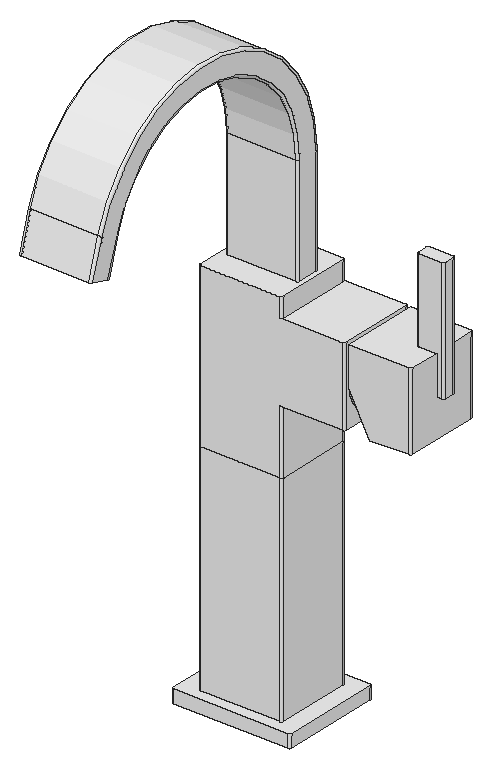
Revit family
Parameters (values of type "Polished Chrome")
  Waste Connection = no
  WFU = 0
  Version = 1
  Vent Connection = no
  URL = "http://www.deltafaucet.com"
  Product URL = "http://www.deltafaucet.com/bath/details/753LF.html"
  Overall Width = 0' - 4.37402"  # constant formula
  Overall Length = 0' - 5.93898"  # constant formula
  Overall Height = 0' - 11.82598"  # constant formula
  Offset to Backsplash [instance] = 0' - 2 1/2"
  Model = "753LF"
  Maximum Flow Rate = 1.5 GPM
  Manufacturer = "DELTA"  # constant formula
  Hot Water Connection Radius = Hot Water Connection NPT / 2  # 1/4"
  Hot Water Connection NPT = 1/2"
  HWFU = 0
  HW Connection = yes
  Flow Pressure [instance] = 0.00 psi
  Finish = Chrome - DELTA - Polished
  Description = "Single Handle Deck Mount Lavatory Faucet with Riser"
  Collection = "Vero"  # constant formula
  Cold Water Connection Radius = Cold Water Connection NPT / 2  # 1/4"
  Cold Water Connection NPT = 1/2"
  CWFU = 0
  CW Connection = yes
  CADworks URL = "http://www.CADworks.net"
  Assembly Code = "D2010900"
  ADA Compliant = yes
Types (3): name | Product URL | Model | Finish
  (no name) | "http://www.deltafaucet.com/bath/details/753LF.html" | "753LF" | Chrome - DELTA - Polished
  Brilliance Stainless | "http://www.deltafaucet.com/bath/details/753LF-SS.html" | "753LF-SS" | Steel - DELTA - Brilliance Stainless
  Polished Chrome | "http://www.deltafaucet.com/bath/details/753LF.html" | "753LF" | Chrome - DELTA - Polished
Reference planes (in)
  plane 1 "Center (Front/Back)": y = 0
  plane 2: z = 0
  plane 3 "Center (Left/Right)": x = 0
  plane 4: y = -4.78346
  plane 5 "Wall Closure": y = 2.5
  plane 6: x = -0.5
  plane 7: x = 0.5
  plane 8: z = 0.23228
  plane 9: z = 7.25748
  plane 10: z = 9.26535
  plane 11: z = -0.1252
  plane 12: y = -4.99803
  plane 13: y = 0.94094
  plane 14: x = -1.09449
  plane 15: x = 1.09449
  plane 16: y = -0.94094
  plane 17: x = -0.76575
  plane 18: x = 0.76575
  plane 19: y = 0.72441
  plane 20: y = -0.72441
  plane 21: y = 0.22441
  plane 22: y = -0.22441
  plane 23: x = 0.66929
  plane 24: x = -0.66929
  plane 25: x = 1.98819
  plane 26: x = 3.27953
  plane 27: z = 11.82598
  plane 28: z = 6.90314
  plane 29: z = 5.45433
  plane 30: z = 6.18661
  plane 31: z = 8.43858
  plane 32: z = 4.25984
  plane 33: x = -0.76575
  plane 34: x = 0.76575
  plane 35: y = 0.72441
  plane 36: y = -0.72441
Forms (in)
  Extrusion 1, solid, material "Chrome - DELTA - Polished" <- "Finish"
    sketch origin (0, 0, 0) x (1, 0, 0) y (0, 1, 0)
      loop
        arc (-1.09449, -0.89764) -> (-1.0818, -0.92826) -> (-1.05118, -0.94094) r 0.04331
        line (-1.05118, -0.94094) -> (1.05118, -0.94094)
        arc (1.05118, -0.94094) -> (1.0818, -0.92826) -> (1.09449, -0.89764) r 0.04331
        line (1.09449, -0.89764) -> (1.09449, 0.89764)
        arc (1.09449, 0.89764) -> (1.0818, 0.92826) -> (1.05118, 0.94094) r 0.04331
        line (1.05118, 0.94094) -> (-1.05118, 0.94094)
        arc (-1.05118, 0.94094) -> (-1.0818, 0.92826) -> (-1.09449, 0.89764) r 0.04331
        line (-1.09449, 0.89764) -> (-1.09449, -0.89764)
    from 0 to 0.23228
  Extrusion 2, solid, material "Chrome - DELTA - Polished" <- "Finish"
    sketch origin (1.25, -180, 0.23228) x (0, -1, 0) y (-1, 0, 0)
      loop
        line (-180.72441, 1.97244) -> (-180.72441, 0.48425) -> (-179.27559, 0.48425) -> (-179.27559, 1.97244)
        arc (-179.27559, 1.97244) -> (-179.28827, 2.00306) -> (-179.3189, 2.01575) r 0.04331
        line (-179.3189, 2.01575) -> (-180.6811, 2.01575)
        arc (-180.6811, 2.01575) -> (-180.71173, 2.00306) -> (-180.72441, 1.97244) r 0.04331
    from -4.02756 to -7.0252
  Sweep 3, solid, material "Chrome - DELTA - Polished" <- "Finish"
    path origin (0, 0, 0) x (0, 1, 0) y (0, 0, 1)
      loop
        line (0, 7.25748) -> (0, 9.26354)
        arc (0, 9.26354) -> (-1.99292, 11.57644) -> (-4.57498, 9.94728) r 2.33858
        line (-4.57498, 9.94728) -> (-4.78346, 9.26535)
    profile origin (0, 0, 8.26051) x (0, -1, 0) y (1, 0, 0)
      loop
        arc (0.1811, -0.66929) -> (0.21173, -0.65661) -> (0.22441, -0.62598) r 0.04331
        line (0.22441, -0.62598) -> (0.22441, 0.62598)
        arc (0.22441, 0.62598) -> (0.21173, 0.65661) -> (0.1811, 0.66929) r 0.04331
        line (0.1811, 0.66929) -> (-0.1811, 0.66929)
        arc (-0.1811, 0.66929) -> (-0.21173, 0.65661) -> (-0.22441, 0.62598) r 0.04331
        line (-0.22441, 0.62598) -> (-0.22441, -0.62598)
        arc (-0.22441, -0.62598) -> (-0.21173, -0.65661) -> (-0.1811, -0.66929) r 0.04331
        line (-0.1811, -0.66929) -> (0.1811, -0.66929)
  Extrusion 4, solid, material "Chrome - DELTA - Polished" <- "Finish", detail levels fine
    sketch origin (1.25, -180, -0.1252) x (0, -1, 0) y (-1, 0, 0)
      loop
        circle (-180, 1.75) r 0.25
      loop
        circle (-180, 0.75) r 0.25
    from 0 to -0.1252
  Extrusion 5, solid, material "Chrome - DELTA - Polished" <- "Finish"
    sketch origin (0.5, 61.77165, 41.89764) x (0, 1, 0) y (0, 0, -1)
      loop
        line (-62.49606, 36.44331) -> (-62.49606, 34.99449) -> (-61.04724, 34.99449) -> (-61.04724, 36.44331) -> (-62.49606, 36.44331)
    from -0.26575 to -1.42717
  Extrusion 6, void
    sketch origin (0, 0, 0) x (1, 0, 0) y (0, 1, 0)
      loop
        line (0.76575, 0.6811) -> (0.76575, 0.72441) -> (0.72244, 0.72441)
        arc (0.72244, 0.72441) -> (0.75306, 0.71173) -> (0.76575, 0.6811) r 0.04331
      loop
        arc (0.76575, -0.6811) -> (0.75306, -0.71173) -> (0.72244, -0.72441) r 0.04331
        line (0.72244, -0.72441) -> (0.76575, -0.72441) -> (0.76575, -0.6811)
    from 0.23228 to 5.45433
  Extrusion 7, void
    sketch origin (0, 0, 2.55906) x (1, 0, 0) y (0, 1, 0)
      loop
        line (0.76575, 0.6811) -> (0.76575, 0.72441) -> (0.72244, 0.72441)
        arc (0.72244, 0.72441) -> (0.75306, 0.71173) -> (0.76575, 0.6811) r 0.04331
      loop
        arc (0.76575, -0.6811) -> (0.75306, -0.71173) -> (0.72244, -0.72441) r 0.04331
        line (0.72244, -0.72441) -> (0.76575, -0.72441) -> (0.76575, -0.6811)
    from 4.34409 to 4.69843
  Extrusion 8, void
    sketch origin (1.16142, 0, 2.55906) x (1, 0, 0) y (0, 1, 0)
      loop
        line (0.76575, 0.6811) -> (0.76575, 0.72441) -> (0.72244, 0.72441)
        arc (0.72244, 0.72441) -> (0.75306, 0.71173) -> (0.76575, 0.6811) r 0.04331
      loop
        arc (0.76575, -0.6811) -> (0.75306, -0.71173) -> (0.72244, -0.72441) r 0.04331
        line (0.72244, -0.72441) -> (0.76575, -0.72441) -> (0.76575, -0.6811)
    from 2.89527 to 4.34409
  Extrusion 9, solid, material "Chrome - DELTA - Polished" <- "Finish"
    sketch origin (1.25, -180, 6.90314) x (0, -1, 0) y (-1, 0, 0)
      loop
        line (-179.2815, -0.73819) -> (-180.7185, -0.73819) -> (-180.70902, -1.84764)
        arc (-180.70902, -1.84764) -> (-180.69662, -1.87761) -> (-180.66689, -1.89056) r 0.04331
        arc (-180.66689, -1.89056) -> (-180, -1.89961) -> (-179.33311, -1.89056) r 24.59055
        arc (-179.33311, -1.89056) -> (-179.30338, -1.87761) -> (-179.29098, -1.84764) r 0.04331
        line (-179.29098, -1.84764) -> (-179.2815, -0.73819)
    from -0.00787 to 1.44882
  Extrusion 10, void
    sketch origin (0, 0, -5.90551) x (-1, 0, 0) y (0, 0, 1)
      loop
        line (-2.38386, 11.35981) -> (-3.27953, 11.38747) -> (-3.27953, 11.23386) -> (-1.98819, 11.23386) -> (-1.98819, 12.09213) -> (-2.38386, 11.35981)
      loop
        line (-1.98819, 12.80158) -> (-1.98819, 13.16299) -> (-3.27953, 13.16299) -> (-3.27953, 12.80945) -> (-1.98819, 12.80158)
    from -0.75 to 0.75
  Extrusion 11, solid, material "Chrome - DELTA - Polished" <- "Finish"
    sketch origin (1.25, -180, 6.18661) x (0, -1, 0) y (-1, 0, 0)
      loop
        arc (-179.9139, -2.02953) -> (-179.8831, -2.01666) -> (-179.8706, -1.98571) r 0.04331
        line (-179.8706, -1.98571) -> (-179.87548, -1.57232)
        arc (-179.87548, -1.57232) -> (-179.88834, -1.54203) -> (-179.91878, -1.52953) r 0.04331
        line (-179.91878, -1.52953) -> (-180.08122, -1.52953)
        arc (-180.08122, -1.52953) -> (-180.11166, -1.54203) -> (-180.12452, -1.57232) r 0.04331
        line (-180.12452, -1.57232) -> (-180.1294, -1.98571)
        arc (-180.1294, -1.98571) -> (-180.1169, -2.01666) -> (-180.0861, -2.02953) r 0.04331
        line (-180.0861, -2.02953) -> (-179.9139, -2.02953)
    from 0.11811 to -2.33071
  Extrusion 12, void
    sketch origin (0, 0, -4.37087) x (-1, 0, 0) y (0, 0, 1)
      loop
        line (-1.98819, 12.80158) -> (-1.98819, 13.63622) -> (-3.27953, 13.63622) -> (-3.27953, 12.80945) -> (-1.98819, 12.80158)
      loop
        line (-1.98819, 10.54961) -> (-3.27953, 10.55748) -> (-3.27953, 9.82519) -> (-1.98819, 9.82519) -> (-1.98819, 10.54961)
    from -0.15748 to 0.15748
  Extrusion 13, solid, material "Chrome - DELTA - Polished" <- "Finish"
    sketch origin (1.25, -180, -4.09843) x (0, -1, 0) y (-1, 0, 0)
      loop
        line (-180.72441, 1.97244) -> (-180.72441, 0.48425) -> (-179.27559, 0.48425) -> (-179.27559, 1.97244)
        arc (-179.27559, 1.97244) -> (-179.28827, 2.00306) -> (-179.3189, 2.01575) r 0.04331
        line (-179.3189, 2.01575) -> (-180.6811, 2.01575)
        arc (-180.6811, 2.01575) -> (-180.71173, 2.00306) -> (-180.72441, 1.97244) r 0.04331
    from -4.33071 to -8.35827
  Revolve 14, solid, material "Chrome - DELTA - Polished" <- "Finish"
    sketch origin (0, 0, -5.90551) x (1, 0, 0) y (0, 0, 1)
      loop
        line (1.92717, 12.09213) -> (1.92717, 11.44488)
        spline (1.92717, 11.44488) -> (1.99895, 11.45042) -> (2.06952, 11.46694) -> (2.13764, 11.49415) -> (2.20217, 11.5316) -> (2.26198, 11.57863) -> (2.31607, 11.63446) -> (2.36351, 11.69811) -> (2.40348, 11.7685) -> (2.4353, 11.84444) -> (2.45842, 11.92461) -> (2.47246, 12.00764) -> (2.47717, 12.09213)
        line (2.47717, 12.09213) -> (1.92717, 12.09213)
      axis (1.92717, 12.09213) -> (2.47717, 12.09213)
    angle from 0 to 360
Cuts and joins
  Extrusion 6, Extrusion 7, Extrusion 8 cuts Extrusion 2
  Extrusion 6, Extrusion 7, Extrusion 8 cuts Extrusion 5
  joined: Extrusion 2, Extrusion 5
  Extrusion 6, Extrusion 7 cuts Extrusion 1
  Extrusion 6 cuts Extrusion 4
  Extrusion 10 cuts Extrusion 9
  Extrusion 12 cuts Extrusion 11
  joined: Extrusion 9, Extrusion 11, Revolve 14
  Extrusion 6 cuts Extrusion 13
Lines and regions (in)
  Masking region 1
    outline origin (0, 0, 0) x (1, 0, 0) y (0, 1, 0)
      loop
        line (-1.09449, 0.89764) -> (-1.09449, -0.89764)
        arc (-1.09449, -0.89764) -> (-1.0818, -0.92826) -> (-1.05118, -0.94094) r 0.04331
        line (-1.05118, -0.94094) -> (-0.66929, -0.94094) -> (-0.66929, -4.95665)
        spline (-0.66929, -4.95665) -> (-0.66892, -4.96206) -> (-0.66782, -4.96737) -> (-0.66599, -4.9725) -> (-0.66349, -4.97736) -> (-0.66034, -4.98187) -> (-0.65661, -4.98594) -> (-0.65235, -4.98951) -> (-0.64764, -4.99252) -> (-0.64256, -4.99492) -> (-0.63719, -4.99666) -> (-0.63164, -4.99771) -> (-0.62598, -4.99807)
        line (-0.62598, -4.99807) -> (0.62598, -4.99807)
        spline (0.62598, -4.99807) -> (0.63164, -4.99771) -> (0.63719, -4.99666) -> (0.64256, -4.99492) -> (0.64764, -4.99252) -> (0.65235, -4.98951) -> (0.65661, -4.98594) -> (0.66034, -4.98187) -> (0.66349, -4.97736) -> (0.66599, -4.9725) -> (0.66782, -4.96737) -> (0.66892, -4.96206) -> (0.66929, -4.95665)
        line (0.66929, -4.95665) -> (0.66929, -0.94094) -> (1.05118, -0.94094)
        arc (1.05118, -0.94094) -> (1.0818, -0.92826) -> (1.09449, -0.89764) r 0.04331
        line (1.09449, -0.89764) -> (1.09449, -0.72441) -> (1.88386, -0.72441)
        arc (1.88386, -0.72441) -> (1.91448, -0.71173) -> (1.92717, -0.6811) r 0.04331
        line (1.92717, -0.6811) -> (1.92717, -0.54798) -> (1.98819, -0.5454) -> (1.98819, -0.7185) -> (3.09764, -0.70902)
        arc (3.09764, -0.70902) -> (3.12761, -0.69662) -> (3.14056, -0.66689) r 0.04331
        arc (3.14056, -0.66689) -> (3.14639, -0.39766) -> (3.14927, -0.12838) r 24.59055
        line (3.14927, -0.12838) -> (3.23571, -0.1294)
        arc (3.23571, -0.1294) -> (3.26666, -0.1169) -> (3.27953, -0.0861) r 0.04331
        line (3.27953, -0.0861) -> (3.27953, 0.0861)
        arc (3.27953, 0.0861) -> (3.26666, 0.1169) -> (3.23571, 0.1294) r 0.04331
        line (3.23571, 0.1294) -> (3.14927, 0.12838)
        arc (3.14927, 0.12838) -> (3.14639, 0.39766) -> (3.14056, 0.66689) r 24.59055
        arc (3.14056, 0.66689) -> (3.12761, 0.69662) -> (3.09764, 0.70902) r 0.04331
        line (3.09764, 0.70902) -> (1.98819, 0.7185) -> (1.98819, 0.5454) -> (1.92717, 0.54798) -> (1.92717, 0.6811)
        arc (1.92717, 0.6811) -> (1.91448, 0.71173) -> (1.88386, 0.72441) r 0.04331
        line (1.88386, 0.72441) -> (1.09449, 0.72441) -> (1.09449, 0.89764)
        arc (1.09449, 0.89764) -> (1.0818, 0.92826) -> (1.05118, 0.94094) r 0.04331
        line (1.05118, 0.94094) -> (-1.05118, 0.94094)
        arc (-1.05118, 0.94094) -> (-1.0818, 0.92826) -> (-1.09449, 0.89764) r 0.04331
  symbolic lines
    curve 1: arc (0.62598, 0.22441, 11.82598) -> (0.65661, 0.21173, 11.82598) -> (0.66929, 0.1811, 11.82598) r 0.04331
    curve 2: line (-0.62598, 0.22441, 11.82598) -> (0.62598, 0.22441, 11.82598)
    curve 3: arc (-0.66929, 0.1811, 11.82598) -> (-0.65661, 0.21173, 11.82598) -> (-0.62598, 0.22441, 11.82598) r 0.04331
    curve 4: line (-0.66929, 0.1811, 11.82598) -> (-0.66929, -0.94094, 11.82598)
    curve 5: line (0.66929, 0.1811, 11.82598) -> (0.66929, -0.94094, 11.82598)
  symbolic lines, detail levels medium+fine
    curve 6: line (-0.76575, -0.6811, 11.82598) -> (-0.76575, 0.6811, 11.82598)
    curve 7: arc (-0.76575, 0.6811, 11.82598) -> (-0.75306, 0.71173, 11.82598) -> (-0.72244, 0.72441, 11.82598) r 0.04331
    curve 8: line (-0.72244, 0.72441, 11.82598) -> (1.09449, 0.72441, 11.82598)
    curve 9: arc (0.72244, 0.72441, 11.82598) -> (0.75306, 0.71173, 11.82598) -> (0.76575, 0.6811, 11.82598) r 0.04331
    curve 10: line (0.76575, 0.6811, 11.82598) -> (0.76575, -0.6811, 11.82598)
    curve 11: arc (-0.72244, -0.72441, 11.82598) -> (-0.75306, -0.71173, 11.82598) -> (-0.76575, -0.6811, 11.82598) r 0.04331
    curve 12: line (1.09449, -0.72441, 11.82598) -> (0.66929, -0.72441, 11.82598)
    curve 13: arc (0.76575, -0.6811, 11.82598) -> (0.75306, -0.71173, 11.82598) -> (0.72244, -0.72441, 11.82598) r 0.04331
    curve 14: line (1.92717, 0.54798, 11.82598) -> (1.92717, -0.55118, 11.82598)
    curve 15: line (1.98819, -0.5454, 11.82598) -> (1.98819, 0.5454, 11.82598)
    curve 21: line (-0.66929, -0.72441, 11.82598) -> (-0.72244, -0.72441, 11.82598)
  symbolic lines, detail levels fine
    curve 16: line (2.77953, -0.08122, 11.82598) -> (2.77953, 0.08122, 11.82598)
    curve 17: arc (2.77953, 0.08122, 11.82598) -> (2.79203, 0.11166, 11.82598) -> (2.82232, 0.12452, 11.82598) r 0.04331
    curve 18: line (2.82232, 0.12452, 11.82598) -> (3.14927, 0.12838, 11.82598)
    curve 19: arc (2.82232, -0.12452, 11.82598) -> (2.79203, -0.11166, 11.82598) -> (2.77953, -0.08122, 11.82598) r 0.04331
    curve 20: line (3.14927, -0.12838, 11.82598) -> (2.82232, -0.12452, 11.82598)
Dimensions and locks (in)
  "Offset to Backsplash": plane 1 "Center (Front/Back)" to plane 5 "Wall Closure"
  locked: plane 4 to plane 1 "Center (Front/Back)" at 4.78346
  locked: plane 8 to plane 2 at 0.23228
  locked: plane 9 to plane 2 at 7.25748
  locked: plane 10 to plane 2 at 9.26535
  locked: plane 2 to plane 11 at 0.1252
  locked: plane 1 "Center (Front/Back)" to plane 13 at 0.94094
  "Overall Length": plane 13 to plane 12
  locked: plane 6 to Extrusion 4 sketch curve at 0
  locked: plane 1 "Center (Front/Back)" to Extrusion 4 sketch curve at 0  (x2)
  locked: plane 7 to Extrusion 4 sketch curve at 0
  locked: plane 14 to plane 3 "Center (Left/Right)" at 1.09449
  plane 16 to plane 1 "Center (Front/Back)" to plane 13 = 0' - 0.94094" locked, 0' - 0.94094" locked
  plane 14 to plane 3 "Center (Left/Right)" to plane 15 = 0' - 1.09449" locked, 0' - 1.09449" locked
  locked: plane 14 to Extrusion 1 sketch curve at 0.04331  (x2)
  locked: Extrusion 1 sketch curve to plane 15 at 0.04331  (x2)
  locked: plane 16 to Extrusion 1 sketch curve at 0.04331  (x2)
  locked: plane 13 to Extrusion 1 sketch curve at 0.04331  (x2)
  plane 20 to plane 1 "Center (Front/Back)" to plane 19 = 0' - 0.72441" locked, 0' - 0.72441" locked
  plane 17 to plane 3 "Center (Left/Right)" to plane 18 = 0' - 0.76575" locked, 0' - 0.76575" locked
  plane 7 to plane 3 "Center (Left/Right)" to plane 6 = 0' - 0 1/2" locked, 0' - 0 1/2" locked
  locked: plane 17 to Extrusion 2 sketch curve at 0.04331  (x2)
  locked: plane 19 to Extrusion 2 sketch curve at 0.04331
  locked: plane 20 to Extrusion 2 sketch curve at 0.04331
  locked: Sweep 3 sketch curve to plane 1 "Center (Front/Back)" at 4.78346
  locked: plane 9 to Sweep 3 sketch curve at 2.00606
  locked: Sweep 3 sketch curve to Sweep 3 sketch curve at 0.71308
  plane 22 to plane 1 "Center (Front/Back)" to plane 21 = 0' - 0.22441" locked, 0' - 0.22441" locked
  plane 24 to plane 3 "Center (Left/Right)" to plane 23 = 0' - 0.66929" locked, 0' - 0.66929" locked
  locked: plane 24 to Sweep 3 sketch curve at 0.04331  (x2)
  locked: Sweep 3 sketch curve to plane 23 at 0.04331  (x2)
  locked: plane 21 to Sweep 3 sketch curve at 0.04331  (x2)
  locked: plane 22 to Sweep 3 sketch curve at 0.04331  (x2)
  Extrusion 5 sketch curve to plane 1 "Center (Front/Back)" to Extrusion 5 sketch curve = 0' - 0.72441" locked, 0' - 0.72441" locked
  plane 8 to Extrusion 5 sketch curve to Extrusion 5 sketch curve = 0' - 5.22204", 0' - 1.44882"
  locked: cut or joined group of Extrusion 2, Extrusion 5, Extrusion 6, Extrusion 7, Extrusion 8 to plane 3 "Center (Left/Right)" at 1.92717
  locked: plane 7 to cut or joined group of Extrusion 2, Extrusion 5, Extrusion 6, Extrusion 7, Extrusion 8 at 1.42717
  locked: cut or joined group of Extrusion 2, Extrusion 5, Extrusion 6, Extrusion 7, Extrusion 8 to cut or joined group of Extrusion 2, Extrusion 5, Extrusion 6, Extrusion 7, Extrusion 8 at 1.16142
  Extrusion 6 sketch curve to Extrusion 6 sketch curve to plane 1 "Center (Front/Back)" to Extrusion 6 sketch curve to Extrusion 6 sketch curve = 0' - 0.04331" locked, 0' - 0.6811" locked, 0' - 0.6811" locked, 0' - 0.04331" locked
  plane 3 "Center (Left/Right)" to Extrusion 6 sketch curve to Extrusion 6 sketch curve = 0' - 0.72244" locked, 0' - 0.04331" locked  (x2)
  plane 3 "Center (Left/Right)" to Extrusion 7 sketch curve to Extrusion 7 sketch curve = 0' - 0.72244" locked, 0' - 0.04331" locked  (x2)
  Extrusion 7 sketch curve to Extrusion 7 sketch curve to plane 1 "Center (Front/Back)" to Extrusion 7 sketch curve to Extrusion 7 sketch curve = 0' - 0.04331" locked, 0' - 0.6811" locked, 0' - 0.6811" locked, 0' - 0.04331" locked
  Extrusion 8 sketch curve to Extrusion 8 sketch curve to plane 1 "Center (Front/Back)" to Extrusion 8 sketch curve to Extrusion 8 sketch curve = 0' - 0.04331" locked, 0' - 0.6811" locked, 0' - 0.6811" locked, 0' - 0.04331" locked
  plane 3 "Center (Left/Right)" to Extrusion 8 sketch curve to Extrusion 8 sketch curve = 0' - 1.88386" locked, 0' - 0.04331" locked  (x2)
  locked: plane 3 "Center (Left/Right)" to plane 25 at 1.98819
  "Overall Width": plane 14 to plane 26
  "Overall Height": plane 27 to plane 2
  plane 25 to Extrusion 9 sketch curve to Extrusion 9 sketch curve = 0' - 1.10945" locked, 0' - 0.04292" locked  (x2)
  Extrusion 9 sketch curve to Extrusion 9 sketch curve to Extrusion 9 sketch curve to plane 1 "Center (Front/Back)" to Extrusion 9 sketch curve to Extrusion 9 sketch curve to Extrusion 9 sketch curve = 0' - 0.00949" locked, 0' - 0.04213" locked, 0' - 0.66689" locked, 0' - 0.66689" locked, 0' - 0.04213" locked, 0' - 0.00949" locked
  plane 28 to plane 29 to plane 2 = 0' - 1.44882" locked, 0' - 5.45433" locked
  locked: cut or joined group of Extrusion 9, Extrusion 10, Extrusion 11, Extrusion 12, Revolve 14 to plane 28 at 0.00787
  locked: plane 9 to cut or joined group of Extrusion 9, Extrusion 10, Extrusion 11, Extrusion 12, Revolve 14 at 0.34646
  plane 31 to plane 30 to plane 2 = 0' - 2.25197" locked, 0' - 6.18661" locked
  Extrusion 11 sketch curve to Extrusion 11 sketch curve to Extrusion 11 sketch curve to Extrusion 11 sketch curve to plane 1 "Center (Front/Back)" to Extrusion 11 sketch curve to Extrusion 11 sketch curve to Extrusion 11 sketch curve to Extrusion 11 sketch curve = 0' - 0.00488" locked, 0' - 0.03842" locked, 0' - 0.00488" locked, 0' - 0.08122" locked, 0' - 0.08122" locked, 0' - 0.00488" locked, 0' - 0.03842" locked, 0' - 0.00488" locked
  Extrusion 11 sketch curve to Extrusion 11 sketch curve to Extrusion 11 sketch curve to plane 26 = 0' - 0.0428" locked, 0' - 0.41339" locked, 0' - 0.04382" locked
  Extrusion 11 sketch curve to Extrusion 11 sketch curve to plane 26 = 0' - 0.41339" locked, 0' - 0.04382" locked
  locked: Extrusion 11 to plane 31 at 0.07874
  locked: plane 10 to Extrusion 11 at 0.74803
  plane 9 to Extrusion 10 sketch curve to Extrusion 10 sketch curve = 0' - 0.35354" locked, 0' - 0.00787" locked
  locked: plane 25 to Extrusion 10 sketch curve at 0.39567
  Extrusion 10 sketch curve to plane 30 to Extrusion 10 sketch curve to Extrusion 10 sketch curve to Extrusion 10 sketch curve = 0' - 0" locked, 0' - 0.70465" locked, 0' - 0.02767" locked, 0' - 0.12595" locked
  plane 10 to Extrusion 12 sketch curve to Extrusion 12 sketch curve = 0' - 0.82677" locked, 0' - 0.00787" locked
  Extrusion 12 sketch curve to Extrusion 12 sketch curve to plane 29 = 0' - 0.00787" locked, 0' - 0.72442" locked
  Masking region 1 sketch curve to Masking region 1 sketch curve to plane 1 "Center (Front/Back)" to Masking region 1 sketch curve to Masking region 1 sketch curve = 0' - 0.00258" locked, 0' - 0.5454" locked, 0' - 0.5454" locked, 0' - 0.00258" locked
  locked: plane 30 to cut or joined group of Extrusion 2, Extrusion 5, Extrusion 6, Extrusion 7, Extrusion 8 at 0.73229
  locked: cut or joined group of Extrusion 9, Extrusion 10, Extrusion 11, Extrusion 12, Revolve 14 to plane 29 at 0.61418
  locked: plane 30 to cut or joined group of Extrusion 9, Extrusion 10, Extrusion 11, Extrusion 12, Revolve 14 at 0.11811
  Extrusion 12 to plane 1 "Center (Front/Back)" to Extrusion 12 = 0' - 0.15748" locked, 0' - 0.15748" locked
  locked: plane 32 to plane 2 at 4.25984
  plane 36 to plane 1 "Center (Front/Back)" to plane 35 = 0' - 0.72441" locked, 0' - 0.72441" locked
  plane 33 to plane 3 "Center (Left/Right)" to plane 34 = 0' - 0.76575" locked, 0' - 0.76575" locked
  locked: plane 33 to Extrusion 13 sketch curve at 0.04331  (x2)
  locked: plane 35 to Extrusion 13 sketch curve at 0.04331
  locked: plane 36 to Extrusion 13 sketch curve at 0.04331
  locked: Revolve 14 sketch curve to Revolve 14 sketch curve at 0.64724
  Revolve 14 sketch curve to plane 25 to Revolve 14 sketch curve = 0' - 0.06102" locked, 0' - 0.48898" locked
  curve 14 to plane 1 "Center (Front/Back)" to curve 14 = 0' - 0.54798" locked, 0' - 0.55118" locked
  curve 15 to plane 1 "Center (Front/Back)" to curve 15 = 0' - 0.5454" locked, 0' - 0.5454" locked
  cut or joined group of Extrusion 9, Extrusion 10, Extrusion 11, Extrusion 12, Revolve 14 to plane 1 "Center (Front/Back)" to cut or joined group of Extrusion 9, Extrusion 10, Extrusion 11, Extrusion 12, Revolve 14 = 0' - 0 3/4" locked, 0' - 0 3/4" locked
  radius of Extrusion 1 sketch curve = 0' - 0.04331"  (x4)
  radius of Sweep 3 sketch curve = 0' - 0.04331"  (x4)
  "Cold Water Connection Radius": radius of Extrusion 4 sketch curve
  "Hot Water Connection Radius": radius of Extrusion 4 sketch curve
  radius of Extrusion 2 sketch curve = 0' - 0.04331"  (x2)
  radius of Extrusion 6 sketch curve = 0' - 0.04331"  (x2)
  radius of Extrusion 7 sketch curve = 0' - 0.04331"  (x2)
  radius of Extrusion 8 sketch curve = 0' - 0.04331"  (x2)
  radius of Extrusion 9 sketch curve = 0' - 0.04331"  (x2)
  radius of Extrusion 9 sketch curve = 2' - 0.59055"
  radius of Extrusion 11 sketch curve = 0' - 0.04331"  (x4)
  radius of Extrusion 13 sketch curve = 0' - 0.04331"  (x2)
  locked: plane 9 to Sweep 3 sketch curve (angle 73.00°)
  aligned and locked: Extrusion 1 to plane 2
  aligned and locked: Extrusion 1 to plane 8
  aligned: plane 8 to Extrusion 2
  aligned and locked: Extrusion 2 to plane 9
  aligned and locked: plane 9 to Sweep 3 sketch curve
  aligned and locked: plane 11 to Extrusion 4
  aligned and locked: plane 2 to Extrusion 4
  aligned and locked: Extrusion 1 sketch curve to plane 16
  aligned and locked: plane 15 to Extrusion 1 sketch curve
  aligned and locked: Extrusion 1 sketch curve to plane 13
  aligned and locked: plane 14 to Extrusion 1 sketch curve
  aligned and locked: Extrusion 2 sketch curve to plane 19
  aligned and locked: Extrusion 2 sketch curve to plane 18
  aligned and locked: plane 20 to Extrusion 2 sketch curve
  aligned and locked: plane 17 to Extrusion 2 sketch curve
  aligned and locked: Sweep 3 sketch curve to plane 1 "Center (Front/Back)"
  aligned and locked: plane 10 to Sweep 3 sketch curve
  aligned and locked: Sweep 3 sketch curve to plane 24
  aligned and locked: Sweep 3 sketch curve to plane 21
  aligned and locked: plane 23 to Sweep 3 sketch curve
  aligned and locked: plane 22 to Sweep 3 sketch curve
  aligned: Extrusion 5 to Extrusion 2
  aligned: Extrusion 6 to cut or joined group of Extrusion 2, Extrusion 5, Extrusion 6, Extrusion 7, Extrusion 8
  aligned: Extrusion 6 to Extrusion 1
  aligned: Extrusion 7 to Extrusion 5
  aligned and locked: Extrusion 7 to plane 9
  aligned: Extrusion 5 to Extrusion 8  (x2)
  aligned and locked: Extrusion 9 sketch curve to plane 25
  aligned and locked: Extrusion 10 sketch curve to plane 25
  aligned and locked: plane 9 to Extrusion 10 sketch curve
  aligned and locked: plane 26 to Extrusion 10 sketch curve
  aligned and locked: plane 25 to Extrusion 10 sketch curve
  aligned and locked: Extrusion 10 sketch curve to plane 26
  aligned and locked: Extrusion 11 sketch curve to plane 26
  aligned: Extrusion 11 to plane 31
  aligned: plane 30 to Extrusion 11
  aligned and locked: plane 29 to Extrusion 12 sketch curve
  aligned and locked: Extrusion 12 sketch curve to plane 26
  aligned and locked: plane 25 to Extrusion 12 sketch curve
  aligned and locked: Extrusion 12 sketch curve to plane 25
  aligned and locked: plane 26 to Extrusion 12 sketch curve
  aligned and locked: plane 10 to Extrusion 12 sketch curve
  aligned and locked: Masking region 1 sketch curve to cut or joined group of Extrusion 1, Extrusion 6, Extrusion 7  (x4)
  aligned and locked: Masking region 1 sketch curve to cut or joined group of Extrusion 2, Extrusion 5, Extrusion 6, Extrusion 7, Extrusion 8  (x2)
  aligned and locked: Masking region 1 sketch curve to cut or joined group of Extrusion 9, Extrusion 10, Extrusion 11, Extrusion 12, Revolve 14  (x8)
  aligned and locked: cut or joined group of Extrusion 9, Extrusion 10, Extrusion 11, Extrusion 12, Revolve 14 to Masking region 1 sketch curve  (x2)
  aligned and locked: cut or joined group of Extrusion 2, Extrusion 5, Extrusion 6, Extrusion 7, Extrusion 8 to Masking region 1 sketch curve
  aligned and locked: cut or joined group of Extrusion 1, Extrusion 6, Extrusion 7 to Masking region 1 sketch curve  (x2)
  aligned and locked: Masking region 1 sketch curve to Sweep 3  (x2)
  aligned and locked: Sweep 3 to Masking region 1 sketch curve
  aligned and locked: curve 1 to Sweep 3
  aligned and locked: curve 3 to Sweep 3
  aligned and locked: cut or joined group of Extrusion 1, Extrusion 6, Extrusion 7 to curve 5
  aligned and locked: cut or joined group of Extrusion 1, Extrusion 6, Extrusion 7 to curve 4
  aligned and locked: curve 6 to cut or joined group of Extrusion 2, Extrusion 5, Extrusion 6, Extrusion 7, Extrusion 8
  aligned and locked: curve 7 to cut or joined group of Extrusion 2, Extrusion 5, Extrusion 6, Extrusion 7, Extrusion 8
  aligned and locked: curve 8 to cut or joined group of Extrusion 2, Extrusion 5, Extrusion 6, Extrusion 7, Extrusion 8
  aligned and locked: curve 9 to cut or joined group of Extrusion 2, Extrusion 5, Extrusion 6, Extrusion 7, Extrusion 8
  aligned and locked: cut or joined group of Extrusion 2, Extrusion 5, Extrusion 6, Extrusion 7, Extrusion 8 to curve 10
  aligned and locked: curve 11 to cut or joined group of Extrusion 2, Extrusion 5, Extrusion 6, Extrusion 7, Extrusion 8
  aligned and locked: cut or joined group of Extrusion 2, Extrusion 5, Extrusion 6, Extrusion 7, Extrusion 8 to curve 12
  aligned and locked: curve 13 to cut or joined group of Extrusion 2, Extrusion 5, Extrusion 6, Extrusion 7, Extrusion 8
  aligned: cut or joined group of Extrusion 2, Extrusion 5, Extrusion 6, Extrusion 7, Extrusion 8 to curve 14
  aligned and locked: cut or joined group of Extrusion 9, Extrusion 10, Extrusion 11, Extrusion 12, Revolve 14 to curve 15
  aligned and locked: curve 16 to cut or joined group of Extrusion 9, Extrusion 10, Extrusion 11, Extrusion 12, Revolve 14
  aligned and locked: curve 17 to cut or joined group of Extrusion 9, Extrusion 10, Extrusion 11, Extrusion 12, Revolve 14
  aligned and locked: curve 18 to cut or joined group of Extrusion 9, Extrusion 10, Extrusion 11, Extrusion 12, Revolve 14
  aligned and locked: curve 19 to cut or joined group of Extrusion 9, Extrusion 10, Extrusion 11, Extrusion 12, Revolve 14
  aligned and locked: cut or joined group of Extrusion 9, Extrusion 10, Extrusion 11, Extrusion 12, Revolve 14 to curve 20
  aligned and locked: cut or joined group of Extrusion 1, Extrusion 6, Extrusion 7 to curve 12
  aligned and locked: cut or joined group of Extrusion 1, Extrusion 6, Extrusion 7 to curve 8
  aligned and locked: curve 4 to curve 21
  aligned and locked: curve 21 to cut or joined group of Extrusion 2, Extrusion 5, Extrusion 6, Extrusion 7, Extrusion 8
  aligned and locked: curve 5 to curve 12
  aligned and locked: plane 32 to cut or joined group of Extrusion 2, Extrusion 5, Extrusion 6, Extrusion 7, Extrusion 8
  aligned and locked: Extrusion 13 sketch curve to plane 35
  aligned and locked: Extrusion 13 sketch curve to plane 34
  aligned and locked: plane 36 to Extrusion 13 sketch curve
  aligned and locked: plane 33 to Extrusion 13 sketch curve
  aligned and locked: Extrusion 13 to plane 32
  aligned and locked: plane 8 to Extrusion 13
  aligned and locked: plane 8 to cut or joined group of Extrusion 6, Extrusion 13
  aligned and locked: Revolve 14 sketch curve to plane 30
  aligned and locked: Revolve 14 sketch curve to Revolve 14 sketch curve
  aligned and locked: cut or joined group of Extrusion 2, Extrusion 5, Extrusion 6, Extrusion 7, Extrusion 8 to plane 29
  aligned and locked: cut or joined group of Extrusion 2, Extrusion 5, Extrusion 6, Extrusion 7, Extrusion 8 to cut or joined group of Extrusion 2, Extrusion 5, Extrusion 6, Extrusion 7, Extrusion 8
  aligned and locked: curve 14 to cut or joined group of Extrusion 2, Extrusion 5, Extrusion 6, Extrusion 7, Extrusion 8
  aligned and locked: plane 28 to cut or joined group of Extrusion 2, Extrusion 5, Extrusion 6, Extrusion 7, Extrusion 8
Automatic sketch dimensions
  Extrusion 6 sketch curve to Extrusion 6 sketch curve = 0' - 0"  (x4)
  Extrusion 7 sketch curve to Extrusion 7 sketch curve = 0' - 0"  (x4)
  Extrusion 8 sketch curve to Extrusion 8 sketch curve = 0' - 0"  (x4)
  Masking region 1 sketch curve to Masking region 1 sketch curve = 0' - 0.04331"
  Masking region 1 sketch curve to plane 7 = 0' - 0.08268"
  Masking region 1 sketch curve to Masking region 1 sketch curve = 0' - 0.00037"  (x2)
  Masking region 1 sketch curve to plane 1 "Center (Front/Back)" = 0' - 0.12838"
  Masking region 1 sketch curve to Masking region 1 sketch curve = 0' - 0.00051"  (x2)
  plane 12 to Masking region 1 sketch curve = 0' - 0.04138"  (x2)
  Masking region 1 sketch curve to Masking region 1 sketch curve = 0' - 0.0374"
  curve 15 to plane 25 = 0' - 0"
  curve 9 to plane 13 = 0' - 0.25984"
  curve 7 to plane 13 = 0' - 0.25984"
  curve 9 to curve 9 = 0' - 0.04331"
  curve 18 to plane 1 "Center (Front/Back)" = 0' - 0.12838"
  curve 18 to plane 1 "Center (Front/Back)" = 0' - 0.12452"
  curve 17 to curve 17 = 0' - 0.0433"
  plane 1 "Center (Front/Back)" to curve 16 = 0' - 0.08122"
  curve 19 to curve 20 = 0' - 0.0433"
  plane 1 "Center (Front/Back)" to curve 20 = 0' - 0.12838"
  curve 6 to curve 4 = 0' - 0.25984"
  curve 13 to curve 5 = 0' - 0.25984"
  curve 13 to curve 12 = 0' - 0.04331"
  curve 11 to curve 21 = 0' - 0.04331"
  curve 11 to curve 21 = 0' - 0.05315"
  curve 9 to plane 7 = 0' - 0.22244"
  curve 13 to curve 12 = 0' - 0.32874"
  curve 9 to curve 8 = 0' - 0.32874"
  plane 25 to curve 14 = 0' - 0.06102"
  plane 26 to curve 16 = 0' - 0 1/2"
  curve 19 to curve 20 = 0' - 0.0428"
  curve 17 to curve 17 = 0' - 0.0428"
  plane 26 to curve 20 = 0' - 0.13026"
  plane 26 to curve 18 = 0' - 0.13026"
  plane 25 to Revolve 14 sketch curve = 0' - 0.65157"
  plane 25 to Revolve 14 sketch curve = 0' - 0.25787"
Connectors (in)
  piping at (-0.5, 0, 0), driven by "Hot Water Connection Radius", driven by "HWFU", driven by "Flow Pressure"
    settings: on Extrusion 4, index 1
  piping at (0.5, 0, 0), driven by "Cold Water Connection Radius", driven by "CWFU", driven by "Flow Pressure"
    settings: on Extrusion 4, index 2
